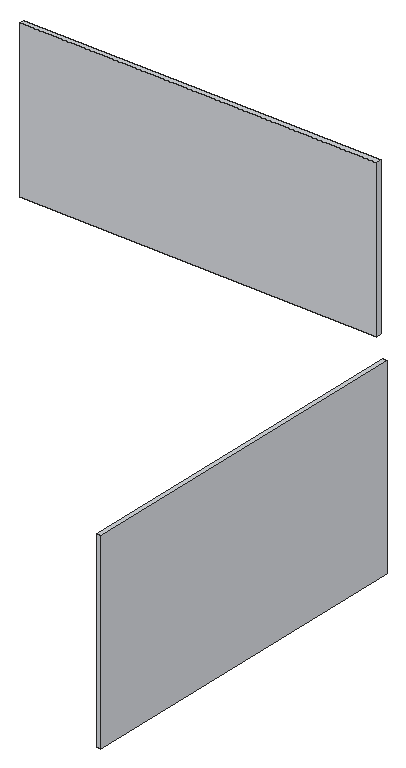
Revit family "EKF500E3 BIM position 2", category Mechanical Equipment, Revit 2013
Parameters (values of type "EKF500E3")
  Width = "850 mm"
  Weight = "130 kg"
  Warranty period = "Unit 2 years                                    Motor 5 years"
  Sub Type = "Lo-Carbon Kitchen Box Fan"
  Width (including handles) = "929 mm"
  Height (inclusing controller) = "1017 mm"
  Product Description = "Lo-Carbon Kitchen Box Fan"
  Part Number = "EKF500E3"
  Operating Temperature = "(-20C to +40C)"
  Maximum In-Duct Temperature = "120 Degrees C"
  Motor Rating = "1.71kW Max"
  Manufacturer - Website = "www.vent-axia.com"
  Manufacturer - Name = "Vent-Axia Ltd"
  Manufacturer - Email = "sales@vent-axia.com"
  Manufacturer - Contact Phone = "0844 856 0590"
  Manufacturer - Address = "Fleming Way, Crawley, West Sussex RH10 9YX"
  IP Rating = "IP54"
  Height = "850 mm"
  Length = "850 mm"
  Family = "In-Line Range"
  Country of Manufacture = "UK"
  Category = "Lo-Carbon Kitchen Box Fan"
  AC Voltage Input = "380-415V AC Three Phase"
  AC Frequency Input = "50 Hz"
Reference planes
  plane 1 "Center (Front/Back)": y = 0
  plane 2: z = 0
  plane 3 "Center (Left/Right)": x = 0
  plane 4: y = 464.5
  plane 5: y = -464.5
  plane 6: x = -425
  plane 7: x = 425
  plane 8: z = 508.5
  plane 9: z = -508.5
Forms (mm)
  Extrusion 1, solid, detail levels coarse+medium
    sketch origin (-1239.08, 268.949, -45.414) x (1, 0, 0) y (0, 1, 0)
      loop
        line (748.906, 220.967) -> (748.906, -849.574) -> (1723.743, -849.574) -> (1723.743, 220.967) -> (748.906, 220.967)
    from -528.48 to 592.522
  Extrusion 2, solid
    sketch origin (0, 0, 0) x (0, 1, 0) y (0, 0, 1)
      loop
        line (364.916, -50) -> (-365.084, -50) -> (-365.084, -440) -> (364.916, -440) -> (364.916, -50)
    from 419.922 to 427.922
  Extrusion 3, solid
    sketch origin (-14.007, -10.259, 0) x (1, 0, 0) y (0, 0, 1)
      loop
        line (381.93, 270) -> (-348.07, 270) -> (-348.07, -48.5) -> (381.93, -48.5) -> (381.93, 270)
    from -435.174 to -425.174
Dimensions and locks
  plane 6 to plane 7 = 850 mm
  plane 5 to plane 4 = 929 mm
Connectors
  hvac at (419.922, -0.084, -245)
    settings: on import instance, index 1, duct flow 0.0 L/s, flow factor 0, pres drop 0.0 Pa, loss coef 0, conn angle 0.00°, conn width 730 mm, conn height 390 mm, conn radius 304.8 mm, duct sys type 2, conn prof type 1, flow config 0, flow direction 1, loss method 0, conn ref index -1, conn util no, is conn primary yes, conn desc ""
  hvac at (2.922, 424.916, 110.75)
    settings: on import instance, index 2, duct flow 0.0 L/s, flow factor 0, pres drop 0.0 Pa, loss coef 0, conn angle 0.00°, conn width 730 mm, conn height 319 mm, conn radius 304.8 mm, duct sys type 2, conn prof type 1, flow config 0, flow direction 2, loss method 0, conn ref index -1, conn util no, is conn primary no, conn desc ""
